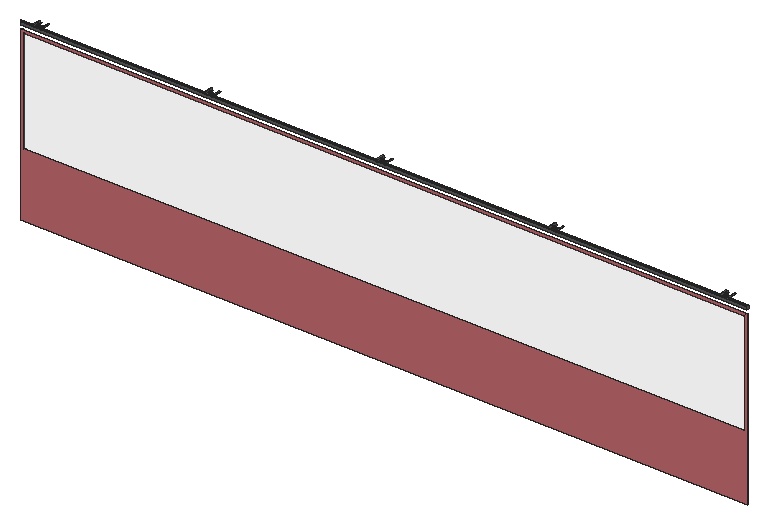
Revit family "Gymnasium-Eqpt_Divider-Curtain_IPIbybison_WalkDraw", category Specialty Equipment, Revit 2018
Family settings
  Round Connector Dimension = Use Diameter
  Part Type = Normal
  OmniClass Number = 23.40.50.34.17
  OmniClass Title = Gymnasium Dividers
  Always vertical = Yes
  Cut with Voids When Loaded = No
  Shared = No
  Room Calculation Point = No
Parameters (values of type "as Specified")
  stackBvis [instance] = and(Show not in use, Stack on Side B)  # no
  stackAvis [instance] = and(Show not in use, Stack on Side A)  # no
  meshvis [instance] = not(Show not in use)  # yes
  clampcount [instance] = if(Number of Clamps < 2, 2, Number of Clamps)  # 5
  Warranty Duration (Years) = 0
  Unit Weight [instance] = 0
  Unit Length [instance] = 90' - 0"
  URL = "https://ipibybison.com/"
  Stack on Side B [instance] = no
  Stack on Side A [instance] = yes
  Specification = ""
  SpecWizard = ""
  Solid Vinyl Height [instance] = 8' - 0"
  Show not in use [instance] = no
  Sales Information = "https://ipibybison.com/ArchitectsPage.php"
  Revision = "R1_2018-06"
  Product Properties = ""
  Product Data = "http://www.arcat.com/arcatcos/cos49/arc49571.html"
  Panel Material [instance] = Vinyl - Solid - IPI by Bison - Red
  Opening Height [instance] = 23' - 0"
  Number of Clamps [instance] = (Unit Length - (Clamp Inset from Edge * 2)) / Clamp Spacing + 1  # 5
  Model = "IP810"
  Mesh Material [instance] = Vinyl - Mesh - IPI by Bison - Gray
  Maximum Size = "Contact Manufacturer for limits"
  Manufacturer Website = "https://ipibybison.com/"
  Manufacturer Phone - Toll Free = "800-637-7968"
  Manufacturer Phone = ""
  Manufacturer Fax = "800-638-0698"
  Manufacturer Address = "603 L St  Lincoln, NE 68508"
  Manufacturer = "IPI by Bison"
  Maintenance Schedule (Months) = 0
  Keynote = "11 66 53"
  Installation-Fabrication = ""
  Installation Phase = ""
  Green Building-LEED = ""
  Frame Finish [instance] = Finish - IPI by Bison - Black
  Flange Width [instance] = 0' - 7"
  Expected Lifespan (Years) = 0
  End Stack Length [instance] = 1' - 0"
  Drawn By = "Sumex Design, Inc. / Robert S. Weygant, CSI, CDT, SCIP"
  Description = "IPI by Bison Manual Pull Divider Curtain - IP810 as Specified"
  Curtain Height [instance] = Opening Height - 1' 4" - 0' 6"  # 21' - 2"
  Copyright = "©Arcat Inc."
  Construction Details = ""
  Clamp Spacing [instance] = 22' - 0"
  Clamp Inset from Edge [instance] = 2' - 5"
  Available Options = "as Specified"
Reference planes (in)
  plane 1 "Center (Front/Back)": y = 0
  plane 2: z = 0
  plane 3 "Center (Left/Right)": x = 0
  plane 4: z = 270
  plane 5: x = -540
  plane 6: x = 540
  plane 7: x = -511
  plane 8: x = 511
  plane 9: z = 102
  plane 10: z = 6
  plane 11: z = 260
  plane 12: z = 256
  plane 13: x = -528
  plane 14: x = -528.125
  plane 15: x = -539.875
  plane 16: x = 528
  plane 17: x = 528.125
  plane 18: x = 539.875
Forms (in)
  Extrusion 1, solid, material "Finish - IPI by Bison - Black" <- "Frame Finish"
    sketch origin (0, 0, 0) x (0, 1, 0) y (0, 0, 1)
      loop
        line (-0.21099, 271.60682) -> (-0.21099, 270) -> (-1.625, 270) -> (-1.625, 266) -> (1.625, 266) -> (1.625, 270) -> (0.15625, 270) -> (0.15625, 271.60682) -> (-0.21099, 271.60682)
    from -540 to 540
  Extrusion 2, solid, material "Vinyl - Solid - IPI by Bison - Red" <- "Panel Material", visible <- "meshvis"
    sketch origin (0, 0, 0) x (1, 0, 0) y (0, 0, 1)
      loop
        line (-540, 260) -> (-540, 6) -> (540, 6) -> (540, 260) -> (-540, 260)
      loop
        line (-536, 102) -> (536, 102) -> (536, 256) -> (-536, 256) -> (-536, 102)
    from 0.125 to -0.125
  Extrusion 3, solid, material "Vinyl - Mesh - IPI by Bison - Gray" <- "Mesh Material", visible <- "meshvis"
    sketch origin (0, 0, 0) x (1, 0, 0) y (0, 0, 1)
      loop
        line (536, 102) -> (536, 256) -> (-536, 256) -> (-536, 102) -> (536, 102)
    from 0.125 to -0.125
  Extrusion 4, solid, visible <- "stackAvis"
    sketch origin (0, 0, 0) x (1, 0, 0) y (0, 1, 0)
      loop
        line (-540, 3.875) -> (-540, -0.25) -> (-539.75, -0.25) -> (-539.75, 3.875)
        arc (-539.75, 3.875) -> (-539.875, 4) -> (-540, 3.875) r 0.125
    from 102 to 256
  Extrusion 5, solid, material "Vinyl - Solid - IPI by Bison - Red" <- "Panel Material", visible <- "stackAvis"
    sketch origin (-581.0991, -180, 6) x (-1, 0, 0) y (0, -1, 0)
      loop
        line (-41.3491, -183.875) -> (-41.3491, -175.875) -> (-52.8491, -175.875) -> (-52.8491, -183.875) -> (-41.3491, -183.875)
    from 0 to 96
  Extrusion 6, solid, material "Vinyl - Solid - IPI by Bison - Red" <- "Panel Material", visible <- "stackBvis"
    sketch origin (-581.0991, -180, 6) x (-1, 0, 0) y (0, -1, 0)
      loop
        line (-1120.8491, -183.875) -> (-1109.3491, -183.875) -> (-1109.3491, -175.875) -> (-1120.8491, -175.875) -> (-1120.8491, -183.875)
    from 0 to 96
  Extrusion 7, solid, material "Vinyl - Mesh - IPI by Bison - Gray" <- "Mesh Material", visible <- "stackBvis"
    sketch origin (-581.0991, -180, 102) x (-1, 0, 0) y (0, -1, 0)
      loop
        line (-1120.8491, -183.875) -> (-1109.3491, -183.875) -> (-1109.3491, -175.875) -> (-1120.8491, -175.875) -> (-1120.8491, -183.875)
    from 0 to 154
  Extrusion 8, solid, material "Vinyl - Mesh - IPI by Bison - Gray" <- "Mesh Material", visible <- "stackAvis"
    sketch origin (-581.0991, -180, 102) x (-1, 0, 0) y (0, -1, 0)
      loop
        line (-52.8491, -183.875) -> (-41.3491, -183.875) -> (-41.3491, -175.875) -> (-52.8491, -175.875) -> (-52.8491, -183.875)
    from 0 to 154
  Extrusion 9, solid, material "Vinyl - Solid - IPI by Bison - Red" <- "Panel Material", visible <- "stackAvis"
    sketch origin (-430, -180, 256) x (0, -1, 0) y (-1, 0, 0)
      loop
        line (-183.875, 98.25) -> (-175.875, 98.25) -> (-175.875, 109.75) -> (-183.875, 109.75) -> (-183.875, 98.25)
    from 0 to -4
  Extrusion 10, solid, material "Vinyl - Solid - IPI by Bison - Red" <- "Panel Material", visible <- "stackBvis"
    sketch origin (-430, -180, 256) x (0, -1, 0) y (-1, 0, 0)
      loop
        line (-183.875, -958.25) -> (-183.875, -969.75) -> (-175.875, -969.75) -> (-175.875, -958.25) -> (-183.875, -958.25)
    from 0 to -4
Dimensions and locks (in)
  level to plane 4 = 0' - 6"
  equal spacing: plane 6, plane 3 "Center (Left/Right)", plane 5
  "Unit Length": plane 6 to plane 5
  "Clamp Inset from Edge": plane 7 to plane 5
  "Clamp Inset from Edge": plane 8 to plane 6
  equal spacing: group 1, group 3, group 4, group 5, group 2  (x3)
  locked: plane 10 to level at 6
  "Opening Height": level to level
  locked: plane 4 to plane 11 at 10
  locked: Extrusion 2 sketch curve to plane 6 at 4
  locked: Extrusion 2 sketch curve to plane 5 at 4
  locked: plane 11 to Extrusion 2 sketch curve at 4
  locked: plane 9 to Extrusion 3 sketch curve at 0
  locked: plane 11 to Extrusion 3 sketch curve at 4
  locked: Extrusion 3 sketch curve to plane 5 at 4
  locked: Extrusion 3 sketch curve to plane 6 at 4
  "Solid Vinyl Height": plane 9 to plane 10
  locked: plane 11 to plane 12 at 4
  "End Stack Length": plane 5 to plane 13
  locked: plane 5 to plane 15 at 0.125
  locked: plane 14 to plane 13 at 0.125
  locked: plane 17 to plane 16 at 0.125
  "End Stack Length": plane 16 to plane 6
  locked: plane 18 to plane 6 at 0.125
  locked: plane 16 to Extrusion 7 sketch curve at 0.25
  locked: Extrusion 7 sketch curve to plane 6 at 0.25
  locked: plane 16 to Extrusion 6 sketch curve at 0.25
  locked: Extrusion 6 sketch curve to plane 6 at 0.25
  locked: plane 5 to Extrusion 5 sketch curve at 0.25
  locked: Extrusion 5 sketch curve to plane 13 at 0.25
  locked: plane 5 to Extrusion 8 sketch curve at 0.25
  locked: Extrusion 8 sketch curve to plane 13 at 0.25
  locked: plane 5 to Extrusion 9 sketch curve at 0.25
  locked: Extrusion 9 sketch curve to plane 13 at 0.25
  locked: plane 16 to Extrusion 10 sketch curve at 0.25
  locked: Extrusion 10 sketch curve to plane 6 at 0.25
  aligned and locked: level to plane 2
  aligned and locked: plane 6 to Extrusion 1
  aligned and locked: plane 7 to nested 1
  aligned and locked: plane 8 to nested 2
  aligned and locked: Extrusion 1 to plane 5
  aligned and locked: plane 5 to Extrusion 2 sketch curve
  aligned and locked: Extrusion 2 sketch curve to plane 11
  aligned and locked: Extrusion 2 sketch curve to plane 6
  aligned and locked: plane 10 to Extrusion 2 sketch curve
  aligned and locked: Extrusion 4 to plane 12
  aligned and locked: Extrusion 4 to plane 9
  aligned and locked: nested 6 to plane 15
  aligned and locked: nested 7 to plane 14
  aligned and locked: nested 9 to plane 18
  aligned and locked: nested 8 to plane 17
  aligned and locked: plane 9 to Extrusion 6
  aligned and locked: plane 9 to Extrusion 5
  aligned and locked: Extrusion 7 to plane 12
  aligned and locked: Extrusion 8 to plane 12
  aligned and locked: plane 11 to Extrusion 9
  aligned and locked: plane 11 to Extrusion 10
Automatic sketch dimensions
  Extrusion 1 sketch curve to plane 4 = 0' - 0"  (x2)
  plane 1 "Center (Front/Back)" to Extrusion 1 sketch curve = 0' - 1 5/8"
  plane 1 "Center (Front/Back)" to Extrusion 1 sketch curve = 0' - 0.21099"
  Extrusion 1 sketch curve to plane 1 "Center (Front/Back)" = 0' - 0 5/32"
  Extrusion 1 sketch curve to Extrusion 1 sketch curve = 0' - 1 15/32"
  Extrusion 1 sketch curve to plane 4 = 0' - 4"
  Extrusion 1 sketch curve to Extrusion 1 sketch curve = 0' - 1.60682"
  Extrusion 2 sketch curve to plane 9 = 0' - 0"
  Extrusion 4 sketch curve to plane 5 = 0' - 0"
  Extrusion 4 sketch curve to plane 15 = 0' - 0"
  plane 1 "Center (Front/Back)" to Extrusion 4 sketch curve = 0' - 0 1/4"
  Extrusion 4 sketch curve to plane 1 "Center (Front/Back)" = 0' - 3 7/8"
  Extrusion 5 sketch curve to plane 1 "Center (Front/Back)" = 0' - 3 7/8"
  plane 1 "Center (Front/Back)" to Extrusion 5 sketch curve = 0' - 4 1/8"
  Extrusion 6 sketch curve to plane 1 "Center (Front/Back)" = 0' - 3 7/8"
  plane 1 "Center (Front/Back)" to Extrusion 6 sketch curve = 0' - 4 1/8"
  Extrusion 7 sketch curve to plane 1 "Center (Front/Back)" = 0' - 3 7/8"
  plane 1 "Center (Front/Back)" to Extrusion 7 sketch curve = 0' - 4 1/8"
  Extrusion 8 sketch curve to plane 1 "Center (Front/Back)" = 0' - 3 7/8"
  plane 1 "Center (Front/Back)" to Extrusion 8 sketch curve = 0' - 4 1/8"
  Extrusion 9 sketch curve to plane 1 "Center (Front/Back)" = 0' - 3 7/8"
  plane 1 "Center (Front/Back)" to Extrusion 9 sketch curve = 0' - 4 1/8"
  Extrusion 10 sketch curve to plane 1 "Center (Front/Back)" = 0' - 3 7/8"
  plane 1 "Center (Front/Back)" to Extrusion 10 sketch curve = 0' - 4 1/8"
Nested families (in)
  nested 1: "WalkerClamp" at (-511, 0, 276), Flange Width <- "Flange Width", finish <- "Frame Finish", type "WalkerClamp"
    with finish Finish - IPI by Bison - Black, Flange Width 0' - 7"
  nested 2: "WalkerClamp" at (511, 0, 276), Flange Width <- "Flange Width", finish <- "Frame Finish", type "WalkerClamp"
    with finish Finish - IPI by Bison - Black, Flange Width 0' - 7"
  nested 3: "WalkerClamp" at (-255.5, 0, 276), Flange Width <- "Flange Width", finish <- "Frame Finish", type "WalkerClamp"
    with finish Finish - IPI by Bison - Black, Flange Width 0' - 7"
  nested 4: "WalkerClamp" at (0, 0, 276), Flange Width <- "Flange Width", finish <- "Frame Finish", type "WalkerClamp"
    with finish Finish - IPI by Bison - Black, Flange Width 0' - 7"
  nested 5: "WalkerClamp" at (255.5, 0, 276), Flange Width <- "Flange Width", finish <- "Frame Finish", type "WalkerClamp"
    with finish Finish - IPI by Bison - Black, Flange Width 0' - 7"
  nested 6: "WalkerCurtain" at (-539.875, -0.125, 0), mesh <- "Mesh Material", vinyl <- "Panel Material", curtain height <- "Curtain Height", solid height <- "Solid Vinyl Height", splitcenterAMat <- "Panel Material", splitcenterBMat <- "Mesh Material", visible <- "stackAvis", type "WalkerCurtain"
    with vinyl Vinyl - Solid - IPI by Bison - Red, splitcenterBMat Vinyl - Mesh - IPI by Bison - Gray, splitcenterB yes, splitcenterAMat Vinyl - Solid - IPI by Bison - Red, splitcenterA yes, solid height 8' - 0", mesh Vinyl - Mesh - IPI by Bison - Gray, fullcenter no, curtain height 21' - 2", base offset 0' - 6"
  nested 7: "WalkerCurtain" at (-528.125, -0.125, 0), mesh <- "Mesh Material", vinyl <- "Panel Material", curtain height <- "Curtain Height", solid height <- "Solid Vinyl Height", splitcenterAMat <- "Mesh Material", splitcenterBMat <- "Panel Material", visible <- "stackAvis", type "WalkerCurtain"
    with vinyl Vinyl - Solid - IPI by Bison - Red, splitcenterBMat Vinyl - Solid - IPI by Bison - Red, splitcenterB yes, splitcenterAMat Vinyl - Mesh - IPI by Bison - Gray, splitcenterA yes, solid height 8' - 0", mesh Vinyl - Mesh - IPI by Bison - Gray, fullcenter no, curtain height 21' - 2", base offset 0' - 6"
  nested 8: "WalkerCurtain" at (528.125, -0.125, 0), mesh <- "Mesh Material", vinyl <- "Panel Material", curtain height <- "Curtain Height", solid height <- "Solid Vinyl Height", splitcenterAMat <- "Mesh Material", splitcenterBMat <- "Panel Material", visible <- "stackBvis", type "WalkerCurtain"
    with vinyl Vinyl - Solid - IPI by Bison - Red, splitcenterBMat Vinyl - Solid - IPI by Bison - Red, splitcenterB yes, splitcenterAMat Vinyl - Mesh - IPI by Bison - Gray, splitcenterA yes, solid height 8' - 0", mesh Vinyl - Mesh - IPI by Bison - Gray, fullcenter no, curtain height 21' - 2", base offset 0' - 6"
  nested 9: "WalkerCurtain" at (539.875, -0.125, 0), mesh <- "Mesh Material", vinyl <- "Panel Material", curtain height <- "Curtain Height", solid height <- "Solid Vinyl Height", splitcenterAMat <- "Panel Material", splitcenterBMat <- "Mesh Material", visible <- "stackBvis", type "WalkerCurtain"
    with vinyl Vinyl - Solid - IPI by Bison - Red, splitcenterBMat Vinyl - Mesh - IPI by Bison - Gray, splitcenterB yes, splitcenterAMat Vinyl - Solid - IPI by Bison - Red, splitcenterA yes, solid height 8' - 0", mesh Vinyl - Mesh - IPI by Bison - Gray, fullcenter no, curtain height 21' - 2", base offset 0' - 6"
Definition of nested family "WalkerClamp"
  Parameters (values of type "WalkerClamp")
    finish [instance] = none
    Flange Width [instance] = 0' - 7.17426"
    Default Elevation = 4' - 0"
  Reference planes (in)
    plane 1 "Center (Front/Back)": y = 0
    plane 2: z = 0
    plane 3 "Center (Left/Right)": x = 0
    plane 4: x = -5.5
    plane 5: x = 5.5
    plane 6: y = -3.67426
    plane 7: y = 3.5
    plane 8: y = 6
    plane 9: y = -6.17426
    plane 10: z = -6
  Forms (in)
    Extrusion 1, solid, material <- "finish"
      sketch origin (0, 0, 0) x (1, 0, 0) y (0, 0, 1)
        loop
          line (-5.3125, 0.5) -> (-7.5, 0.5) -> (-7.5, -0.1875) -> (-5.6875, -0.1875) -> (-5.6875, -2) -> (-3.5, -2) -> (-3.5, -1.8125) -> (-5.3125, -1.8125) -> (-5.3125, 0.5)
        loop
          line (5.3125, 0.5) -> (5.3125, -1.8125) -> (3.5, -1.8125) -> (3.5, -2) -> (5.6875, -2) -> (5.6875, -0.1875) -> (7.5, -0.1875) -> (7.5, 0.5) -> (5.3125, 0.5)
      from -6 to 6.17426
    Extrusion 2, solid, material <- "finish"
      sketch origin (0, 0, 0) x (1, 0, 0) y (0, 0, 1)
        loop
          line (-5.3125, -1.8125) -> (5.3125, -1.8125) -> (5.3125, -0.3125) -> (5.0625, -0.3125) -> (5.0625, -1.5625) -> (-5.0625, -1.5625) -> (-5.0625, -0.3125) -> (-5.3125, -0.3125) -> (-5.3125, -1.8125)
      from 1 to -1
    Extrusion 3, solid, material <- "finish"
      sketch origin (-0.0004, 0.0004, 0) x (1, 0, 0) y (0, 0, 1)
        loop
          line (-0.11872, -2) -> (-0.11872, -2.7356)
          arc (-0.11872, -2.7356) -> (-0.00648, -3.72126) -> (0.13128, -2.73884) r 0.5
          line (0.13128, -2.73884) -> (0.13128, -2) -> (-0.11872, -2)
        loop
          circle (0, -3.2213) r 0.38666
      from 0.25 to -0.25
    Extrusion 4, solid, material <- "finish"
      sketch origin (0, 0, 0) x (0, 1, 0) y (0, 0, 1)
        loop
          arc (-0.45061, -4.46728) -> (0.29445, -4.78174) -> (0, -4.02855) r 0.43889
          arc (0, -4.02855) -> (-0.21668, -3.56805) -> (0.24382, -3.78473) r 0.27046
          line (0.24382, -3.78473) -> (0.42717, -3.78473)
          arc (0.42717, -3.78473) -> (-0.32617, -3.47856) -> (0, -4.22346) r 0.43889
          arc (0, -4.22346) -> (0.14295, -4.66177) -> (-0.27505, -4.46728) r 0.25135
          line (-0.27505, -4.46728) -> (-0.45061, -4.46728)
      from 0.125 to -0.125
  Dimensions and locks (in)
    plane 5 to plane 3 "Center (Left/Right)" to plane 4 = 0' - 5 1/2", 0' - 5 1/2"
    "Flange Width": plane 6 to plane 7
    locked: plane 7 to plane 8 at 2.5
    locked: plane 9 to plane 6 at 2.5
    level to plane 10 = 0' - 6"
    Extrusion 2 sketch curve to Extrusion 2 sketch curve to plane 4 = 0' - 0 1/4" locked, 0' - 0 3/16" locked
    plane 5 to Extrusion 2 sketch curve to Extrusion 2 sketch curve = 0' - 0 3/16" locked, 0' - 0 1/4" locked
    aligned and locked: plane 2 to level
    aligned and locked: Extrusion 1 to plane 8
    aligned and locked: Extrusion 1 to plane 9
  Automatic sketch dimensions
    level to Extrusion 1 sketch curve = 0' - 0 1/2"  (x2)
    Extrusion 1 sketch curve to plane 4 = 0' - 2"
    Extrusion 1 sketch curve to plane 4 = 0' - 0 3/16"
    plane 4 to Extrusion 1 sketch curve = 0' - 0 3/16"
    Extrusion 1 sketch curve to Extrusion 1 sketch curve = 0' - 1 13/16"  (x2)
    Extrusion 1 sketch curve to plane 5 = 0' - 2"
    Extrusion 1 sketch curve to plane 5 = 0' - 0 3/16"
    plane 5 to Extrusion 1 sketch curve = 0' - 0 3/16"
    Extrusion 1 sketch curve to level = 0' - 0 3/16"  (x2)
    Extrusion 1 sketch curve to Extrusion 1 sketch curve = 0' - 1 5/8"  (x2)
    Extrusion 1 sketch curve to Extrusion 1 sketch curve = 0' - 0 3/16"  (x2)
    Extrusion 2 sketch curve to level = 0' - 1 13/16"
    Extrusion 2 sketch curve to Extrusion 2 sketch curve = 0' - 0 1/4"
    Extrusion 2 sketch curve to level = 0' - 0 5/16"  (x2)
    Extrusion 3 sketch curve to Extrusion 3 sketch curve = 0' - 0"  (x2)
    Extrusion 3 sketch curve to plane 3 "Center (Left/Right)" = 0' - 0.11913"
    Extrusion 3 sketch curve to plane 3 "Center (Left/Right)" = 0' - 0.0004"
    plane 3 "Center (Left/Right)" to Extrusion 3 sketch curve = 0' - 0.13087"
    plane 10 to Extrusion 3 sketch curve = 0' - 2.7787"
    Extrusion 3 sketch curve to Extrusion 3 sketch curve = 0' - 0.48246"
    Extrusion 3 sketch curve to Extrusion 3 sketch curve = 0' - 0.7356"
    Extrusion 4 sketch curve to plane 1 "Center (Front/Back)" = 0' - 0"  (x2)
    plane 1 "Center (Front/Back)" to Extrusion 4 sketch curve = 0' - 0 3/256"  (x2)
    Extrusion 4 sketch curve to Extrusion 4 sketch curve = 0' - 0.01206"
    plane 1 "Center (Front/Back)" to Extrusion 4 sketch curve = 0' - 0.02544"
    Extrusion 4 sketch curve to plane 1 "Center (Front/Back)" = 0' - 0.24382"
    Extrusion 4 sketch curve to Extrusion 4 sketch curve = 0' - 0.18335"
    plane 10 to Extrusion 4 sketch curve = 0' - 1.52632"
    Extrusion 4 sketch curve to Extrusion 4 sketch curve = 0' - 0.0064"
    Extrusion 4 sketch curve to Extrusion 4 sketch curve = 0' - 0.02544"
    Extrusion 4 sketch curve to Extrusion 4 sketch curve = 0' - 0.17555"
    radius of Extrusion 3 sketch curve = 0' - 0.38666"
Definition of nested family "WalkerCurtain"
  Parameters (values of type "WalkerCurtain")
    vinyl [instance] = none
    splitcenterBMat [instance] = none
    splitcenterB [instance] = yes
    splitcenterAMat [instance] = none
    splitcenterA [instance] = yes
    solid height [instance] = 0' - 4 3/4"
    mesh [instance] = none
    fullcenter [instance] = yes
    curtain height [instance] = 1' - 9.01013"
    base offset [instance] = 0' - 6"
  Reference planes (in)
    plane 1 "Center (Front/Back)": y = 0
    plane 2: z = 0
    plane 3 "Center (Left/Right)": x = 0
    plane 4: z = 6
    plane 5: z = 27.01013
    plane 6: z = 23.01013
    plane 7: z = 10.75
  Forms (in)
    Extrusion 1, solid, material <- "vinyl"
      sketch origin (0, 0, 0) x (1, 0, 0) y (0, 1, 0)
        loop
          arc (-0.125, -4) -> (0, -4.125) -> (0.125, -4) r 0.125
          line (0.125, -4) -> (0.125, 4)
          arc (0.125, 4) -> (0, 4.125) -> (-0.125, 4) r 0.125
          line (-0.125, 4) -> (-0.125, -4)
      from 6 to 27.01013
    Extrusion 2, void
      sketch origin (0, 0, 0) x (1, 0, 0) y (0, 0, 1)
        loop
          line (-0.57705, 23.01013) -> (-0.57705, 10.75) -> (3.45825, 10.75) -> (3.45825, 23.01013) -> (-0.57705, 23.01013)
      from -6.76412 to 4.97859
    Extrusion 3, solid, material <- "mesh", visible <- "fullcenter"
      sketch origin (0, 0, 0) x (1, 0, 0) y (0, 1, 0)
        loop
          line (0.125, -4) -> (0.125, 4)
          arc (0.125, 4) -> (0, 4.125) -> (-0.125, 4) r 0.125
          line (-0.125, 4) -> (-0.125, -4)
          arc (-0.125, -4) -> (0, -4.125) -> (0.125, -4) r 0.125
      from 10.75 to 23.01013
    Extrusion 4, solid, material <- "splitcenterAMat", visible <- "splitcenterA"
      sketch origin (0, 0, 0) x (1, 0, 0) y (0, 1, 0)
        loop
          line (0.125, -4) -> (0.125, 0) -> (-0.125, 0) -> (-0.125, -4)
          arc (-0.125, -4) -> (0, -4.125) -> (0.125, -4) r 0.125
      from 10.75 to 23.01013
    Extrusion 5, solid, material <- "splitcenterBMat", visible <- "splitcenterB"
      sketch origin (0, 0, 0) x (1, 0, 0) y (0, 1, 0)
        loop
          arc (0.125, 4) -> (0, 4.125) -> (-0.125, 4) r 0.125
          line (-0.125, 4) -> (-0.125, 0) -> (0.125, 0) -> (0.125, 4)
      from 10.75 to 23.01013
  Cuts and joins
    Extrusion 2 cuts Extrusion 1
  Dimensions and locks (in)
    "base offset": plane 4 to level
    "curtain height": plane 5 to plane 4
    locked: plane 5 to plane 6 at 4
    "solid height": plane 7 to plane 4
    aligned and locked: plane 2 to level
    aligned and locked: plane 5 to Extrusion 1
    aligned and locked: plane 4 to Extrusion 1
    aligned and locked: Extrusion 2 sketch curve to plane 6
    aligned and locked: plane 7 to Extrusion 2 sketch curve
    aligned and locked: plane 6 to Extrusion 3
    aligned and locked: Extrusion 3 to plane 7
    aligned and locked: plane 6 to Extrusion 4
    aligned and locked: Extrusion 4 to plane 7
    aligned and locked: plane 6 to Extrusion 5
    aligned and locked: Extrusion 5 to plane 7
  Automatic sketch dimensions
    Extrusion 1 sketch curve to plane 3 "Center (Left/Right)" = 0' - 0"
    Extrusion 1 sketch curve to plane 3 "Center (Left/Right)" = 0' - 0 1/8"
    plane 1 "Center (Front/Back)" to Extrusion 1 sketch curve = 0' - 4"
    Extrusion 1 sketch curve to plane 1 "Center (Front/Back)" = 0' - 4"
    Extrusion 2 sketch curve to plane 3 "Center (Left/Right)" = 0' - 0.57705"
    plane 3 "Center (Left/Right)" to Extrusion 2 sketch curve = 0' - 3.45825"
    Extrusion 3 sketch curve to plane 3 "Center (Left/Right)" = 0' - 0"
    Extrusion 3 sketch curve to plane 3 "Center (Left/Right)" = 0' - 0 1/8"
    plane 1 "Center (Front/Back)" to Extrusion 3 sketch curve = 0' - 4"
    Extrusion 3 sketch curve to plane 1 "Center (Front/Back)" = 0' - 4"
    plane 1 "Center (Front/Back)" to Extrusion 4 sketch curve = 0' - 0"
    Extrusion 4 sketch curve to plane 3 "Center (Left/Right)" = 0' - 0"
    Extrusion 4 sketch curve to Extrusion 4 sketch curve = 0' - 0 1/8"
    plane 1 "Center (Front/Back)" to Extrusion 4 sketch curve = 0' - 4"
    plane 1 "Center (Front/Back)" to Extrusion 5 sketch curve = 0' - 0"
    Extrusion 5 sketch curve to plane 3 "Center (Left/Right)" = 0' - 0"
    Extrusion 5 sketch curve to Extrusion 5 sketch curve = 0' - 0 1/8"
    plane 1 "Center (Front/Back)" to Extrusion 5 sketch curve = 0' - 4"
